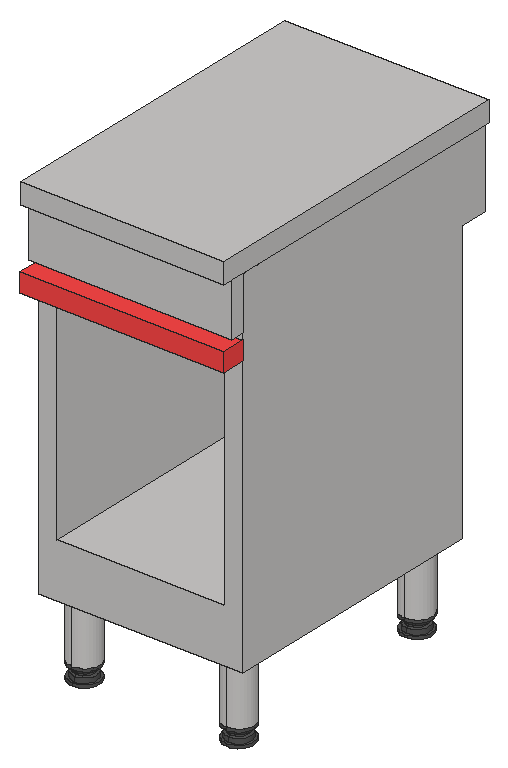
Revit family "ADB Storage cabinet CMA 400 P", category Equipement spécialisé, Revit 2022
Family settings
  Cote de connecteur circulaire = Utiliser le diamètre
  Type d'élément = Normal
  Numéro OmniClass = 23.40.40.14.17.11
  Titre OmniClass = Cookers, Ovens, Stoves
  Basée sur le plan de construction = Non
  Toujours verticalement = Oui
  Couper avec des vides une fois chargée = Non
  Conserver l'orientation des annotations = Non
  Partagée = Non
  Repère de localisation dans la pièce = Non
Parameters (values of type "CMA 400 P")
  URL Cutsheet = "https://www.ambassade-de-bourgogne.com/fr/produits/armoires/Resources/N25-CMA_400_P.pdf"
  URL = "https://www.ambassade-de-bourgogne.com/fr/produits/armoires/Resources/N25-CMA_400_P.pdf"
  Item Number = ""
  Specification by Manufacturer = ""
  Door hinges inversion option [instance] = no
  Depth [instance] = 652 mm + if([Wall-spacer DSA 400], 50 mm, 0 mm) + if(Door option CPM 400, 53 mm, 0 mm)  # 652 mm
  Door option CPM 400 [instance] = no
  Weight [instance] = 41.00 kg + if([Wall-spacer DSA 400], 1.00 kg, 0.00 kg) + if(Door option CPM 400, 5.00 kg, 0.00 kg)  # 41.00 kg
  Modèle = "CMA 400 P"
  Length [instance] = 400 mm  # constant formula
  Height [instance] = 900 mm + if([Wall-spacer DSA 400], 100 mm, 0 mm)  # 900 mm
  Fabricant = "Société Industrielle de Lacanche"  # constant formula
  Elévation par défaut = 0 mm
  Shelves ECH 400 [instance] = no
  Wall-spacer DSA 400 [instance] = no
  Dosseret [instance] = if([Wall-spacer DSA 400], 50 mm, 0 mm)  # 0 mm
  Description = "Storage cabinet"
  Connectors [instance] = yes
  Commentaires du type = "Ambassade range - Cupboards - Storage cabinet"
Reference planes
  plane 1 "Centre (avant/arrière)": y = 0
  plane 2: z = 0
  plane 3 "Centre (gauche/droite)": x = 0
  plane 4 "gauche": x = -200
  plane 5 "droite": x = 200
  plane 6 "fond de meuble": y = 325
  plane 7 "avant": y = -325
  plane 8 "arrière": y = 325
  plane 9: z = 900
  plane 10: y = -327
Forms (mm)
  Extrusion 1, solid, detail levels coarse
    sketch origin (0, 0, 0) x (1, 0, 0) y (0, 1, 0)
      loop
        line (-200, 325.033) -> (-200, -327) -> (200, -327) -> (200, 325.033) -> (-200, 325.033)
    from 0 to 900 <- "Height"
Dimensions and locks
  equal spacing: plane 5 "droite", plane 3 "Centre (gauche/droite)", plane 4 "gauche"
  "Length": plane 5 "droite" to plane 4 "gauche"
  plane 6 "fond de meuble" to plane 7 "avant" = 650 mm
  locked: plane 7 "avant" to plane 1 "Centre (avant/arrière)" at 325
  "Dosseret": plane 8 "arrière" to plane 6 "fond de meuble"
  "Height": plane 9 to plane 2
  "Depth": plane 8 "arrière" to plane 10
  aligned and locked: level to plane 2
  aligned and locked: plane 3 "Centre (gauche/droite)" to nested 1
  aligned and locked: Extrusion 1 to plane 10
Automatic sketch dimensions
  Extrusion 1 sketch curve to plane 4 "gauche" = 0 mm
  Extrusion 1 sketch curve to plane 5 "droite" = 0 mm
  Extrusion 1 sketch curve to plane 7 "avant" = 2 mm
  plane 8 "arrière" to Extrusion 1 sketch curve = 0.033 mm
Nested families
  nested 1: "Soubassement armoire" at (0, 0, 0), Dosseret <- "Wall-spacer DSA 400", Porte <- "Door option CPM 400", Door hinges inversion option <- "Door hinges inversion option", Echelle <- "Shelves ECH 400", type "1 armoire", detail levels medium+fine
    with Depth 703 mm, Door hinges inversion option no, Porte no, Length 400 mm, Height 900 mm, Encombrement Porte standard no, Encombrement Porte inversée no, Echelle no, Décalage poignée 233.5 mm, Dosseret no, Longueur produit 400 mm
Definition of nested family "Soubassement armoire"
  Parameters (values of type "1 armoire")
    Profondeur produit = 650 mm
    Profondeur baie libre = if(Baie libre, Profondeur produit - 68 mm, 1 mm)  # 582 mm
    Door hinges inversion option [instance] = no
    Longueur poignée = 229 mm  # constant formula
    Encombrement Porte inversée [instance] = and(Porte, Door hinges inversion option)  # no
    Encombrement Porte standard [instance] = and(Porte, not(Door hinges inversion option))  # no
    Porte [instance] = no
    Depth [instance] = Profondeur produit + if(Dosseret, 50 mm, 0 mm) + 53 mm  # 703 mm
    Longueur produit = 600 mm
    Length [instance] = Longueur produit  # 600 mm
    Hauteur produit = 900 mm
    Height [instance] = Hauteur produit + if(Dosseret, 100 mm, 0 mm)  # 900 mm
    Default Elevation = 0 mm
    Echelle [instance] = no
    Décalage poignée [instance] = if(Door hinges inversion option, Length, 233.5 mm)  # 233.5 mm
    Dosseret [instance] = no
    Baie libre = yes
  Reference planes
    plane 1 "Centre (avant/arrière)": y = 0
    plane 2: z = 0
    plane 3 "Centre (gauche/droite)": x = 0
    plane 4 "Gauche": x = -300
    plane 5 "Arrière": y = 325
    plane 6 "Droite": x = 300
    plane 7 "Avant": y = -325
    plane 8 "dessous meuble": z = 155
    plane 9 "Dessus de plan": z = 900
    plane 10 "Baguette coloré": z = 696
    plane 11 "dessous plan": z = 860
    plane 12 "Face": y = -280
    plane 13 "commande": z = 755
    plane 14 "dessus dosseret": z = 900
    plane 15: y = -377.967
    plane 16: y = 325.033
    plane 17 "Baguette colorë": y = -780
    plane 18: x = -66.5
  Forms (mm)
    Extrusion 1, solid, visible <- "Porte", detail levels medium+fine
      sketch origin (-300, 0, 0) x (0, 1, 0) y (0, 0, 1)
        loop
          line (-325, 155) -> (-280, 155) -> (-280, 696) -> (-325, 696) -> (-325, 155)
      from 0 to 600 <- "Length"
    Extrusion 2, solid, detail levels medium+fine
      sketch origin (-300, 0, 0) x (0, 1, 0) y (0, 0, 1)
        loop
          line (-280, 742.5) -> (-327, 742.5) -> (-327, 705) -> (-280, 705) -> (-280, 742.5)
      from 0 to 600 <- "Length"
    Extrusion 3, solid, detail levels medium+fine
      sketch origin (-300, 0, 0) x (0, 1, 0) y (0, 0, 1)
        loop
          line (325, 900) -> (-325, 900) -> (-325, 860) -> (325, 860) -> (325, 900)
      from 0 to 600 <- "Length"
    Extrusion 4, void
      sketch origin (0, -325, 0) x (-1, 0, 0) y (0, 0, 1)
        loop
          line (266, 679) -> (-266, 679) -> (-266, 261.5) -> (266, 261.5) -> (266, 679)
      from 0 to 582 <- "Profondeur baie libre"
    Extrusion 5, solid, detail levels medium+fine
      sketch origin (-300, 0, 0) x (0, 1, 0) y (0, 0, 1)
        loop
          line (-280, 860) -> (-306, 860) -> (-306, 755) -> (-280, 755) -> (-280, 860)
      from 0 to 600 <- "Length"
    Extrusion 6, solid, detail levels medium+fine
      sketch origin (-300, 0, 0) x (0, 1, 0) y (0, 0, 1)
        loop
          line (315, 860) -> (-280, 860) -> (-280, 155) -> (260, 155) -> (260, 707) -> (315, 707) -> (315, 860)
      from 0 to 600 <- "Length"
    Revolve 7, solid, detail levels medium+fine
      sketch origin (251.965, 0, 0) x (0, 1, 0) y (0, 0, -1)
        loop
          line (-258.968, -155) -> (-229, -155) -> (-229, 0) -> (-258.492, 0) -> (-258.492, -5) -> (-253.001, -5) -> (-253.001, -13.586) -> (-248.857, -16.488) -> (-248.857, -22) -> (-252.82, -22) -> (-258.968, -28.148) -> (-258.968, -34) -> (-258.968, -155)
        axis (-229, 0) -> (-229, -155)
      angle from 0 to 360
    Revolve 8, solid, detail levels medium+fine
      sketch origin (-251.965, 0, 0) x (0, 1, 0) y (0, 0, 1)
        loop
          line (-258.968, 155) -> (-258.968, 34) -> (-258.968, 28.148) -> (-252.82, 22) -> (-248.857, 22) -> (-248.857, 16.488) -> (-253.001, 13.586) -> (-253.001, 5) -> (-258.492, 5) -> (-258.492, 0) -> (-229, 0) -> (-229, 155) -> (-258.968, 155)
        axis (-229, 0) -> (-229, 155)
      angle from 0 to 360
    Revolve 9, solid, detail levels medium+fine
      sketch origin (-251.965, -20, 0) x (0, -1, 0) y (0, 0, -1)
        loop
          line (-258.968, -155) -> (-229, -155) -> (-229, 0) -> (-258.492, 0) -> (-258.492, -5) -> (-253.001, -5) -> (-253.001, -13.586) -> (-248.857, -16.488) -> (-248.857, -22) -> (-252.82, -22) -> (-258.968, -28.148) -> (-258.968, -34) -> (-258.968, -155)
        axis (-229, 0) -> (-229, -155)
      angle from 0 to 360
    Extrusion 10, solid, visible <- "Dosseret", detail levels medium+fine
      sketch origin (-300, 0, 0) x (0, 1, 0) y (0, 0, 1)
        loop
          line (375.033, 1000) -> (325, 1000) -> (325, 860) -> (375.033, 860) -> (375.033, 1000)
      from 0 to 600 <- "Length"
    Revolve 11, solid, detail levels medium+fine
      sketch origin (251.965, -20, 0) x (0, -1, 0) y (0, 0, 1)
        loop
          line (-258.968, 155) -> (-258.968, 34) -> (-258.968, 28.148) -> (-252.82, 22) -> (-248.857, 22) -> (-248.857, 16.488) -> (-253.001, 13.586) -> (-253.001, 5) -> (-258.492, 5) -> (-258.492, 0) -> (-229, 0) -> (-229, 155) -> (-258.968, 155)
        axis (-229, 0) -> (-229, 155)
      angle from 0 to 360
    Extrusion 12, void
      sketch origin (0, 0, 900) x (0, -1, 0) y (1, 0, 0)
        loop
          line (-307.033, -266.567) -> (-293.033, -266.567) -> (-293.033, 266.464) -> (-307.033, 266.464) -> (-307.033, -266.567)
      from 0 to -0.8
    Extrusion 13, solid, detail levels medium+fine
      sketch origin (-300, 260, 155) x (0, 0, 1) y (1, 0, 0)
        loop
          line (65, 454) -> (65, 146) -> (552, 146) -> (552, 454) -> (65, 454)
      from 0 to 35
    Extrusion 14, solid, visible <- "Echelle"
      sketch origin (0, 0, 0) x (1, 0, 0) y (0, 0, 1)
        loop
          line (-266, 648.8) -> (-266, 623.8) -> (-256.5, 623.8) -> (-256.5, 625) -> (-264.8, 625) -> (-264.8, 647.6) -> (-248, 647.6) -> (-248, 648.8) -> (-266, 648.8)
        loop
          line (-266, 548.8) -> (-266, 523.8) -> (-256.5, 523.8) -> (-256.5, 525) -> (-264.8, 525) -> (-264.8, 547.6) -> (-248, 547.6) -> (-248, 548.8) -> (-266, 548.8)
        loop
          line (-266, 448.8) -> (-266, 423.8) -> (-256.5, 423.8) -> (-256.5, 425) -> (-264.8, 425) -> (-264.8, 447.6) -> (-248, 447.6) -> (-248, 448.8) -> (-266, 448.8)
        loop
          line (-266, 348.8) -> (-266, 323.8) -> (-256.5, 323.8) -> (-256.5, 325) -> (-264.8, 325) -> (-264.8, 347.6) -> (-248, 347.6) -> (-248, 348.8) -> (-266, 348.8)
      from -113.466 to 206.5
    Extrusion 15, solid, visible <- "Echelle"
      sketch origin (0, 0, 0) x (-1, 0, 0) y (0, 0, -1)
        loop
          line (-266, -648.8) -> (-248, -648.8) -> (-248, -647.6) -> (-264.8, -647.6) -> (-264.8, -625) -> (-256.5, -625) -> (-256.5, -623.8) -> (-266, -623.8) -> (-266, -648.8)
        loop
          line (-266, -548.8) -> (-248, -548.8) -> (-248, -547.6) -> (-264.8, -547.6) -> (-264.8, -525) -> (-256.5, -525) -> (-256.5, -523.8) -> (-266, -523.8) -> (-266, -548.8)
        loop
          line (-266, -448.8) -> (-248, -448.8) -> (-248, -447.6) -> (-264.8, -447.6) -> (-264.8, -425) -> (-256.5, -425) -> (-256.5, -423.8) -> (-266, -423.8) -> (-266, -448.8)
        loop
          line (-266, -348.8) -> (-248, -348.8) -> (-248, -347.6) -> (-264.8, -347.6) -> (-264.8, -325) -> (-256.5, -325) -> (-256.5, -323.8) -> (-266, -323.8) -> (-266, -348.8)
      from -113.466 to 206.5
  Cuts and joins
    Extrusion 4 cuts Extrusion 6
    Extrusion 12 cuts Extrusion 10
  Lines and regions (mm)
    symbolic lines, visible <- "Encombrement Porte standard"
      curve 1: line (300, -280, 155) -> (300, -880, 155)
      curve 4: arc (-300, -280, 155) -> (-124.264, -704.264, 155) -> (300, -880, 155) r 600
    symbolic lines, visible <- "Encombrement Porte inversée"
      curve 2: line (-300, -280, 155) -> (-300, -880, 155)
      curve 3: arc (300, -280, 155) -> (124.264, -704.264, 155) -> (-300, -880, 155) r 600
  Dimensions and locks
    equal spacing: plane 7 "Avant", plane 1 "Centre (avant/arrière)", plane 5 "Arrière"
    "Profondeur produit": plane 5 "Arrière" to plane 7 "Avant"
    equal spacing: plane 4 "Gauche", plane 3 "Centre (gauche/droite)", plane 6 "Droite"
    "Longueur produit": plane 4 "Gauche" to plane 6 "Droite"
    "Hauteur produit": plane 9 "Dessus de plan" to plane 2
    locked: plane 8 "dessous meuble" to plane 2 at 155
    locked: plane 9 "Dessus de plan" to plane 11 "dessous plan" at 40
    locked: plane 7 "Avant" to plane 12 "Face" at 45
    locked: plane 13 "commande" to plane 10 "Baguette coloré" at 59
    locked: plane 11 "dessous plan" to plane 13 "commande" at 105
    Extrusion 4 sketch curve to plane 8 "dessous meuble" = 106.5 mm
    Extrusion 4 sketch curve to plane 6 "Droite" = 34 mm
    Extrusion 4 sketch curve to plane 4 "Gauche" = 34 mm
    plane 10 "Baguette coloré" to Extrusion 4 sketch curve = 17 mm
    "Height": plane 14 "dessus dosseret" to plane 2
    locked: plane 7 "Avant" to plane 15 at 52.967
    "Depth": plane 15 to plane 16
    equal spacing: Extrusion 13 sketch curve, plane 3 "Centre (gauche/droite)", Extrusion 13 sketch curve
    "Décalage poignée": plane 18 to plane 4 "Gauche"
    locked: plane 4 "Gauche" to Revolve 9 at 18.067
    locked: Revolve 11 to plane 6 "Droite" at 18.067
    locked: Revolve 7 to plane 6 "Droite" at 18.067
    locked: plane 4 "Gauche" to Revolve 8 at 18.067
    locked: Revolve 8 to plane 12 "Face" at 21.032
    locked: Revolve 7 to plane 12 "Face" at 21.032
    locked: plane 5 "Arrière" to Extrusion 10 sketch curve at 50.033
    plane 16 to Extrusion 12 sketch curve to Extrusion 12 sketch curve = 18 mm locked, 14 mm locked
    aligned and locked: level to plane 2
    aligned and locked: plane 18 to nested 1
  Automatic sketch dimensions
    Extrusion 1 sketch curve to plane 7 "Avant" = 0 mm
    Extrusion 1 sketch curve to plane 10 "Baguette coloré" = 0 mm
    Extrusion 1 sketch curve to plane 12 "Face" = 0 mm
    Extrusion 1 sketch curve to plane 8 "dessous meuble" = 0 mm
    Extrusion 2 sketch curve to plane 12 "Face" = 0 mm
    Extrusion 2 sketch curve to plane 7 "Avant" = 2 mm
    plane 10 "Baguette coloré" to Extrusion 2 sketch curve = 9 mm
    Extrusion 2 sketch curve to plane 13 "commande" = 12.5 mm
    Extrusion 3 sketch curve to plane 7 "Avant" = 0 mm
    Extrusion 3 sketch curve to plane 5 "Arrière" = 0 mm
    Extrusion 3 sketch curve to plane 11 "dessous plan" = 0 mm
    Extrusion 3 sketch curve to plane 9 "Dessus de plan" = 0 mm
    Extrusion 5 sketch curve to plane 11 "dessous plan" = 0 mm
    Extrusion 5 sketch curve to plane 13 "commande" = 0 mm
    Extrusion 5 sketch curve to plane 12 "Face" = 0 mm
    plane 7 "Avant" to Extrusion 5 sketch curve = 19 mm
    Extrusion 6 sketch curve to plane 11 "dessous plan" = 0 mm
    Extrusion 6 sketch curve to plane 12 "Face" = 0 mm
    Extrusion 6 sketch curve to plane 8 "dessous meuble" = 0 mm
    Extrusion 6 sketch curve to plane 5 "Arrière" = 65 mm
    Extrusion 6 sketch curve to plane 5 "Arrière" = 10 mm
    plane 10 "Baguette coloré" to Extrusion 6 sketch curve = 11 mm
    Revolve 7 sketch curve to plane 8 "dessous meuble" = 0 mm
    Revolve 7 sketch curve to level = 0 mm
    plane 12 "Face" to Revolve 7 sketch curve = 21.032 mm
    plane 12 "Face" to Revolve 7 sketch curve = 21.508 mm
    Revolve 7 sketch curve to Revolve 7 sketch curve = 5.491 mm
    Revolve 7 sketch curve to Revolve 7 sketch curve = 0.181 mm
    Revolve 7 sketch curve to Revolve 7 sketch curve = 3.964 mm
    Revolve 7 sketch curve to Revolve 7 sketch curve = 24.001 mm
    level to Revolve 7 sketch curve = 34 mm
    Revolve 7 sketch curve to Revolve 7 sketch curve = 5.852 mm
    Revolve 7 sketch curve to Revolve 7 sketch curve = 6.148 mm
    Revolve 7 sketch curve to Revolve 7 sketch curve = 5.512 mm
    Revolve 7 sketch curve to Revolve 7 sketch curve = 2.902 mm
    level to Revolve 7 sketch curve = 5 mm
    Revolve 7 sketch curve to Revolve 7 sketch curve = 0 mm
    plane 8 "dessous meuble" to Revolve 7 sketch curve = 19 mm
    Revolve 7 sketch curve to Revolve 7 sketch curve = 12 mm
    Revolve 8 sketch curve to plane 8 "dessous meuble" = 0 mm
    Revolve 8 sketch curve to level = 0 mm
    plane 12 "Face" to Revolve 8 sketch curve = 21.032 mm
    plane 12 "Face" to Revolve 8 sketch curve = 21.508 mm
    Revolve 8 sketch curve to Revolve 8 sketch curve = 5.491 mm
    Revolve 8 sketch curve to Revolve 8 sketch curve = 0.181 mm
    Revolve 8 sketch curve to Revolve 8 sketch curve = 3.964 mm
    Revolve 8 sketch curve to Revolve 8 sketch curve = 24.001 mm
    level to Revolve 8 sketch curve = 5 mm
    Revolve 8 sketch curve to Revolve 8 sketch curve = 8.586 mm
    Revolve 8 sketch curve to Revolve 8 sketch curve = 2.902 mm
    Revolve 8 sketch curve to Revolve 8 sketch curve = 5.512 mm
    Revolve 8 sketch curve to Revolve 8 sketch curve = 6.148 mm
    Revolve 8 sketch curve to Revolve 8 sketch curve = 5.852 mm
    Revolve 8 sketch curve to Revolve 8 sketch curve = 0 mm
    Revolve 8 sketch curve to Revolve 8 sketch curve = 12 mm
    plane 8 "dessous meuble" to Revolve 8 sketch curve = 19 mm
    Revolve 9 sketch curve to plane 8 "dessous meuble" = 0 mm
    Revolve 9 sketch curve to level = 0 mm
    level to Revolve 9 sketch curve = 28.148 mm
    Revolve 9 sketch curve to plane 5 "Arrière" = 86.032 mm
    Revolve 9 sketch curve to Revolve 9 sketch curve = 0.477 mm
    level to Revolve 9 sketch curve = 13.586 mm
    Revolve 9 sketch curve to Revolve 9 sketch curve = 5.491 mm
    Revolve 9 sketch curve to Revolve 9 sketch curve = 0.181 mm
    Revolve 9 sketch curve to Revolve 9 sketch curve = 3.964 mm
    Revolve 9 sketch curve to Revolve 9 sketch curve = 24.001 mm
    Revolve 9 sketch curve to Revolve 9 sketch curve = 5.852 mm
    Revolve 9 sketch curve to Revolve 9 sketch curve = 8.414 mm
    Revolve 9 sketch curve to Revolve 9 sketch curve = 2.902 mm
    level to Revolve 9 sketch curve = 5 mm
    Revolve 9 sketch curve to Revolve 9 sketch curve = 0 mm
    plane 8 "dessous meuble" to Revolve 9 sketch curve = 19 mm
    Revolve 9 sketch curve to Revolve 9 sketch curve = 12 mm
    Extrusion 10 sketch curve to plane 5 "Arrière" = 0 mm
    Extrusion 10 sketch curve to plane 11 "dessous plan" = 0 mm
    plane 9 "Dessus de plan" to Extrusion 10 sketch curve = 100 mm
    curve 3 to plane 6 "Droite" = 0 mm
    curve 3 to plane 4 "Gauche" = 0 mm
    curve 4 to plane 4 "Gauche" = 0 mm
    curve 4 to plane 12 "Face" = 0 mm
    curve 2 to plane 12 "Face" = 0 mm
    curve 3 to plane 12 "Face" = 0 mm
    Revolve 11 sketch curve to plane 8 "dessous meuble" = 0 mm
    Revolve 11 sketch curve to level = 0 mm
    level to Revolve 11 sketch curve = 28.148 mm
    Revolve 11 sketch curve to plane 5 "Arrière" = 86.032 mm
    Revolve 11 sketch curve to Revolve 11 sketch curve = 0.477 mm
    level to Revolve 11 sketch curve = 13.586 mm
    Revolve 11 sketch curve to Revolve 11 sketch curve = 5.491 mm
    Revolve 11 sketch curve to Revolve 11 sketch curve = 0.181 mm
    Revolve 11 sketch curve to Revolve 11 sketch curve = 3.964 mm
    Revolve 11 sketch curve to Revolve 11 sketch curve = 24.001 mm
    level to Revolve 11 sketch curve = 5 mm
    Revolve 11 sketch curve to Revolve 11 sketch curve = 2.902 mm
    Revolve 11 sketch curve to Revolve 11 sketch curve = 5.512 mm
    Revolve 11 sketch curve to Revolve 11 sketch curve = 5.852 mm
    Revolve 11 sketch curve to Revolve 11 sketch curve = 0 mm
    Revolve 11 sketch curve to Revolve 11 sketch curve = 12 mm
    plane 8 "dessous meuble" to Revolve 11 sketch curve = 19 mm
    plane 4 "Gauche" to Extrusion 12 sketch curve = 33.433 mm
    plane 6 "Droite" to Extrusion 12 sketch curve = 33.536 mm
    Extrusion 13 sketch curve to Extrusion 6 = 0 mm
    Extrusion 6 to Extrusion 13 sketch curve = 65 mm
    Extrusion 6 to Extrusion 13 sketch curve = 146 mm
    plane 4 "Gauche" to Extrusion 14 sketch curve = 34 mm  (x4)
    Extrusion 14 sketch curve to Extrusion 14 sketch curve = 1.2 mm  (x12)
    Extrusion 14 sketch curve to Extrusion 14 sketch curve = 8.3 mm  (x4)
    Extrusion 14 sketch curve to Extrusion 14 sketch curve = 16.8 mm  (x4)
    plane 8 "dessous meuble" to Extrusion 14 sketch curve = 168.8 mm
    Extrusion 14 sketch curve to Extrusion 14 sketch curve = 22.6 mm  (x4)
    Extrusion 14 sketch curve to Extrusion 14 sketch curve = 75 mm  (x2)
    Extrusion 14 sketch curve to plane 10 "Baguette coloré" = 72.2 mm
    plane 6 "Droite" to Extrusion 15 sketch curve = 34 mm  (x4)
    Extrusion 15 sketch curve to Extrusion 15 sketch curve = 1.2 mm  (x12)
    Extrusion 15 sketch curve to Extrusion 15 sketch curve = 8.3 mm  (x4)
    Extrusion 15 sketch curve to Extrusion 15 sketch curve = 16.8 mm  (x4)
    Extrusion 15 sketch curve to plane 10 "Baguette coloré" = 47.2 mm
    Extrusion 15 sketch curve to Extrusion 15 sketch curve = 22.6 mm  (x4)
    Extrusion 15 sketch curve to Extrusion 15 sketch curve = 75 mm  (x3)
    curve 1 to plane 6 "Droite" = 0 mm
    curve 1 to plane 12 "Face" = 0 mm
  Nested families
    nested 1: "Poignée" at (-181, -325, 681.933) x (1, 0, 0) z (0, -1, 0), visible <- "Porte", Longueur <- "Longueur poignée", type "Poignée", detail levels fine
      with Longueur 229 mm
  Definition of nested family "Poignée"
    Parameters (values of type "Poignée")
      Longueur [instance] = 800 mm
      Default Elevation = 1219.2 mm
    Reference planes
      plane 1 "Centre (avant/arrière)": y = 0
      plane 2: z = 0
      plane 3 "Centre (gauche/droite)": x = 0
      plane 4: x = -400
      plane 5: x = 400
      plane 6: x = -395
      plane 7: x = 395
    Forms (mm)
      Extrusion 1, solid
        sketch origin (0, 0, 0) x (1, 0, 0) y (0, 1, 0)
          loop
            line (-1219.2, 1219.2) -> (-1219.2, -1219.2) -> (1219.2, -1219.2) -> (1219.2, 1219.2) -> (-1219.2, 1219.2)
        from 0 to -304.8
      Extrusion 2, solid
        sketch origin (0, 0, 0) x (0, 1, 0) y (0, 0, 1)
          loop
            circle (0, 38.995) r 13.972
        from -395 to 395
      Extrusion 3, solid
        sketch origin (0, 0, 0) x (1, 0, 0) y (0, 1, 0)
          loop
            circle (-363.542, 0) r 8.5
          loop
            circle (363.453, 0) r 8.5
        from 0 to 37.089
    Cuts and joins
      joined: Extrusion 2, Extrusion 3
    Dimensions and locks
      equal spacing: plane 4, plane 3 "Centre (gauche/droite)", plane 5
      "Longueur": plane 4 to plane 5
      locked: plane 4 to plane 6 at 5
      locked: plane 7 to plane 5 at 5
      locked: plane 6 to Extrusion 3 sketch curve at 31.458
      locked: Extrusion 3 sketch curve to plane 7 at 31.547
      aligned and locked: plane 2 to Extrusion 1
      aligned and locked: level to Extrusion 1
      aligned and locked: plane 6 to Extrusion 2
      aligned and locked: Extrusion 2 to plane 7
      aligned and locked: plane 1 "Centre (avant/arrière)" to Extrusion 3 sketch curve
    Automatic sketch dimensions
      Extrusion 1 sketch curve to Extrusion 1 sketch curve = 2438.4 mm  (x2)
      Extrusion 2 sketch curve to plane 1 "Centre (avant/arrière)" = 0 mm
      level to Extrusion 2 sketch curve = 38.995 mm
      plane 1 "Centre (avant/arrière)" to Extrusion 3 sketch curve = 0 mm
      radius of Extrusion 2 sketch curve = 13.972 mm
      radius of Extrusion 3 sketch curve = 8.5 mm  (x2)
